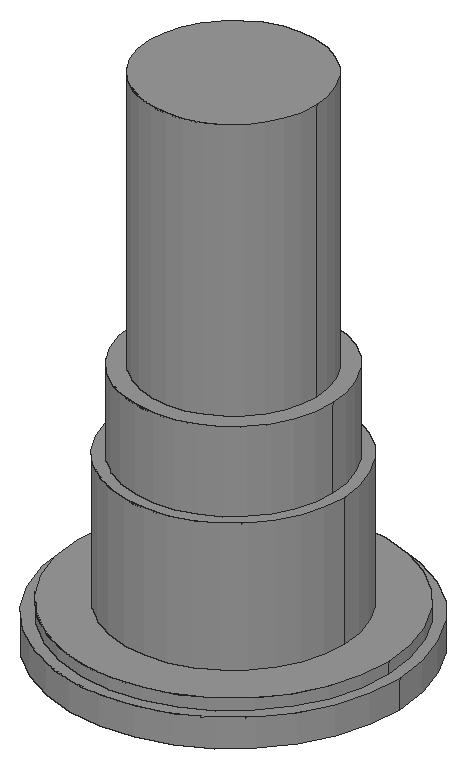
Revit family "Eclipse 2 Round Fix 02", category Lighting Fixtures, host Ceiling, Revit 2017
Family settings
  Host = Ceiling
  Round Connector Dimension = Use Diameter
  Part Type = Normal
  OmniClass Number = 23.80.70.11
  OmniClass Title = Luminaries for Internal Lighting
  Always vertical = Yes
  Cut with Voids When Loaded = No
  Light Source = Yes
  Shared = No
  Room Calculation Point = No
Parameters (values of type "20N")
  Wattage = 9.2903 W
  built-in parameter 1150110 = 1 (stored number, unit not read)
  built-in parameter 1114217 = 1 (stored number, unit not read)
  Tilt Angle = 90.00°
  built-in parameter 1150109 = 1 (stored number, unit not read)
  built-in parameter 1150134 = (empty or 0)
  built-in parameter 1150113 = 1 (stored number, unit not read)
  Photometric Web File = "ELR20N 40D.IES"
  Lumens = 1380 lm
  built-in parameter 1150115 = 1 (stored number, unit not read)
  built-in parameter 1150105 = 109.82 (stored number, unit not read)
  built-in parameter 1150137 = (empty or 0)
  built-in parameter 1150139 = (empty or 0)
  built-in parameter 1150112 = 1 (stored number, unit not read)
  built-in parameter 1150114 = 1 (stored number, unit not read)
  built-in parameter 1150132 = 2
  built-in parameter 1150102 = (empty or 0)
  built-in parameter 1150138 = (empty or 0)
  built-in parameter 1150107 = 3000 (stored number, unit not read)
  built-in parameter 1150106 = 1.0982 (stored number, unit not read)
  built-in parameter 1150104 = 13.8 (stored number, unit not read)
  Dimming Lamp Color Temperature Shift = <None>
  Color Filter = 16777215
  built-in parameter 1114218 = 1 (stored number, unit not read)
  built-in parameter 1150133 = 10 (stored number, unit not read)
Types (2, lengths in mm): name | Photometric Web File
  Type 1 | "ELR50P 35D.IES"
  20N | "ELR20N 40D.IES"
Reference planes
  plane 1 "Light Source Axis (F/B)": y = 0
  plane 2: z = 0
  plane 3 "Light Source Axis (L/R)": x = 0
  plane 4 "Ceiling": z = 4000
  plane 5 "Light Source Elevation": z = 4000.7
  plane 6: y = 0
  plane 7: x = 0
  plane 8: x = 0
  plane 9: y = 0
  plane 10: z = 4090.7
  plane 11: x = -30
  plane 12: x = 30
  plane 13 "Down": z = 4005.532
Forms (mm)
  Extrusion 1, solid, material "ELR Plastic, Opaque White"
    sketch origin (239.98, 0, 3972.515) x (-1, 0, 0) y (0, -1, 0)
      loop
        circle (239.98, 0) r 28
      loop
        circle (239.98, 0) r 20
    from 31 to 33.017
  Extrusion 2, solid, material "ELR Plastic, Opaque White"
    sketch origin (239.98, 0, 3972.515) x (-1, 0, 0) y (0, -1, 0)
      loop
        circle (239.98, 0) r 30
      loop
        circle (239.98, 0) r 28
    from 26 to 31
  Extrusion 3, solid, material "ELR Plastic, Opaque White"
    sketch origin (-190.207, 0, 4000) x (0, 1, 0) y (-1, 0, 0)
      loop
        circle (0, -190.207) r 20
      loop
        circle (0, -190.207) r 15
    from 5.532 to 29.2
  Extrusion 4, solid, material "ELR Plastic, Opaque White"
    sketch origin (-190.207, 0, 4000) x (0, 1, 0) y (-1, 0, 0)
      loop
        circle (0, -190.207) r 15
      loop
        circle (0, -190.207) r 18
    from 29.2 to 43.7
  Extrusion 5, solid, material "ELR Plastic, Opaque White"
    sketch origin (-190.207, 0, 4000) x (0, 1, 0) y (-1, 0, 0)
      loop
        circle (0, -190.207) r 15
    from 43.7 to 90.7
  Extrusion 6, solid, material "ELR Light Emissive"
    sketch origin (0, 0, 4000) x (0, 1, 0) y (-1, 0, 0)
      loop
        circle (0, 0) r 20
    from 3.515 to 5.532
Lines and regions (mm)
  Opening 1
    outline origin (0, 0, 4000) x (1, 0, 0) y (0, 1, 0)
      loop
        circle (0, 0) r 28.613
Dimensions and locks
  equal spacing: host sketch curve, plane 3 "Light Source Axis (L/R)", host sketch curve
  equal spacing: host sketch curve, plane 1 "Light Source Axis (F/B)", host sketch curve
  host sketch curve to host sketch curve = 4000 mm  (x2)
  plane 4 "Ceiling" to host ceiling = 0 mm
  imposter light to plane 10 = 90 mm
  plane 11 to plane 12 = 60 mm
  aligned and locked: plane 3 "Light Source Axis (L/R)" to imposter light
  aligned and locked: plane 1 "Light Source Axis (F/B)" to imposter light
  aligned and locked: plane 5 "Light Source Elevation" to imposter light
  aligned and locked: plane 10 to Extrusion 5
